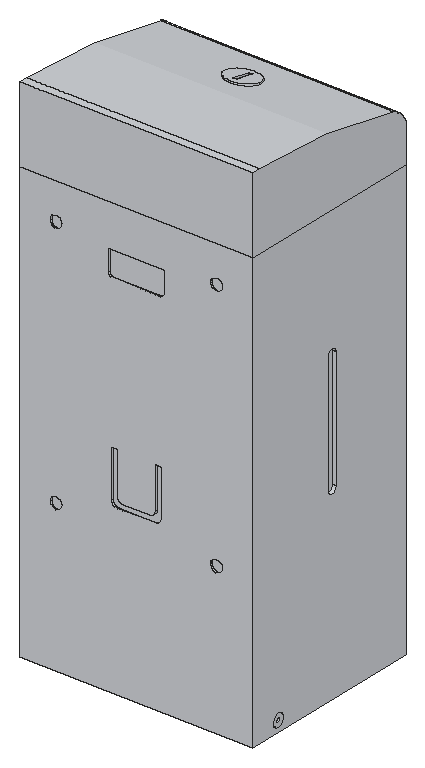
Revit family "AX9412_0005", category Appareils sanitaires, Revit 2016
Family settings
  Hôte = Mur
  Type d'élément = Normal
  Cote de connecteur circulaire = Utiliser le diamètre
  Numéro OmniClass = 23.75.00.00
  Titre OmniClass = Climate Control (HVAC)
  Toujours verticalement = Oui
  Couper avec des vides une fois chargée = Non
  Partagée = Non
  Point de calcul de pièce = Non
Parameters (values of type "Type 1")
  URL = "http://www.axeuro.com/fr/distributeurs-de-savon/24705-distributeur-de-savon-arretes-droites-ax9414.html?search_query=ax9414&results=1"
  Modèle = "AX9414"  # constant formula
  Matériaux = "En inox 304 (18/10) Bactériostatique"  # constant formula
  Finition = "Brossé Poli Satiné HyperPolish"  # constant formula
  Fabricant = "Axeuro"  # constant formula
  Description = "Distributeur de savon"  # constant formula
Reference planes
  plane 1 "Mur": y = 0
  plane 2 "Centre (gauche/droite)": x = 0
  plane 3 "Arrière": y = 75
Forms (mm)
  Extrusion 1, solid
    sketch origin (708.861, 325, 0) x (1, 0, 0) y (0, 0, 1)
      loop
        line (-650.861, 752.033) -> (-766.861, 752.033) -> (-766.861, 533.033) -> (-650.861, 533.033) -> (-650.861, 752.033)
    from 155 to 250
  Extrusion 2, solid
    sketch origin (708.861, 325, 219) x (1, 0, 0) y (0, 0, 1)
      loop
        line (-650.861, 571.033) -> (-766.861, 571.033) -> (-766.861, 533.033) -> (-650.861, 533.033) -> (-650.861, 571.033)
    from 155 to 250
  Extrusion 3, void
    sketch origin (0, 0, 0) x (0, 1, 0) y (0, 0, 1)
      loop
        arc (75, 790.033) -> (119.145, 787.417) -> (162.571, 779.064) r 338.193
        arc (162.571, 779.064) -> (167.12, 776.184) -> (170, 771.635) r 12.277
        line (170, 771.635) -> (175, 771.635) -> (175, 801.635) -> (75, 801.635) -> (75, 790.033)
    from -58 to 58
  Extrusion 4, void
    sketch origin (0, -18.491, -270.454) x (0, 1, 0) y (0, 0, 1)
      loop
        circle (109.191, 809.187) r 1.25
    from 56.771 to 58
  Extrusion 5, void
    sketch origin (0, -7.515, -15.434) x (0, 1, 0) y (0, 0, 1)
      loop
        circle (98.215, 554.167) r 3.2
      loop
        circle (98.215, 554.167) r 3
    from 56.771 to 58
  Extrusion 6, void
    sketch origin (0, 2, 0) x (0, 1, 0) y (0, 0, 1)
      loop
        line (125.125, 627.496) -> (125.125, 687.366)
        arc (125.125, 687.366) -> (122.36, 690.131) -> (119.595, 687.366) r 2.765
        line (119.595, 687.366) -> (119.595, 627.496)
        arc (119.595, 627.496) -> (122.36, 624.731) -> (125.125, 627.496) r 2.765
    from 55.695 to 58
  Extrusion 7, solid
    sketch origin (-5.5, 75, -28.757) x (1, 0, 0) y (0, 0, 1)
      loop
        circle (26.1, 595.39) r 2.6
    from -95 to -95.989
  Extrusion 8, solid
    sketch origin (-125.604, 1684.4, 468.675) x (1, 0, 0) y (0, -0.981627, 0.190809)
      loop
        circle (125.604, 1575.159) r 8.25
    from -15 to -12.919
  Extrusion 9, void
    sketch origin (-128.522, 1642.22, 476.874) x (1, 0, 0) y (0, -0.981627, 0.190809)
      loop
        line (129.522, 1537.139) -> (127.522, 1537.139) -> (127.522, 1527.239) -> (129.522, 1527.239) -> (129.522, 1537.139)
    from -15 to -12.919
  Extrusion 10, void
    sketch origin (-12.263, 0, -17.762) x (1, 0, 0) y (0, 0, 1)
      loop
        circle (-27.737, 625.895) r 3
    from -75.63 to -75
  Extrusion 11, void
    sketch origin (12.263, 0, -17.762) x (-1, 0, 0) y (0, 0, -1)
      loop
        circle (-27.737, -625.895) r 3
    from -75.63 to -75
  Extrusion 12, void
    sketch origin (-12.263, 0, 107.988) x (1, 0, 0) y (0, 0, 1)
      loop
        circle (-27.737, 625.895) r 3
    from -75.63 to -75
  Extrusion 13, void
    sketch origin (12.263, 0, 107.988) x (-1, 0, 0) y (0, 0, -1)
      loop
        circle (-27.737, -625.895) r 3
    from -75.63 to -75
  Extrusion 14, void
    sketch origin (0, 0, 0) x (1, 0, 0) y (0, 0, 1)
      loop
        line (-12.5, 642.933) -> (-12.5, 619.533)
        arc (-12.5, 619.533) -> (-11.621, 617.412) -> (-9.5, 616.533) r 3
        line (-9.5, 616.533) -> (9.5, 616.533)
        arc (9.5, 616.533) -> (11.621, 617.412) -> (12.5, 619.533) r 3
        line (12.5, 619.533) -> (12.5, 642.933) -> (9.5, 642.933) -> (9.5, 621.878)
        arc (9.5, 621.878) -> (8.813, 620.22) -> (7.155, 619.533) r 2.345
        line (7.155, 619.533) -> (-7.155, 619.533)
        arc (-7.155, 619.533) -> (-8.813, 620.22) -> (-9.5, 621.878) r 2.345
        line (-9.5, 621.878) -> (-9.5, 642.933) -> (-12.5, 642.933)
    from -75.63 to -75
  Extrusion 15, void
    sketch origin (0, 0, 0) x (1, 0, 0) y (0, 0, 1)
      loop
        line (-14, 731.333) -> (-14, 720.693)
        arc (-14, 720.693) -> (-13.455, 719.378) -> (-12.14, 718.833) r 1.86
        line (-12.14, 718.833) -> (12.14, 718.833)
        arc (12.14, 718.833) -> (13.455, 719.378) -> (14, 720.693) r 1.86
        line (14, 720.693) -> (14, 731.333) -> (-14, 731.333)
    from -75.63 to -75
Cuts and joins
  Extrusion 3, Extrusion 4, Extrusion 6, Extrusion 14, Extrusion 15 cuts Extrusion 2
  Extrusion 4, Extrusion 5, Extrusion 6, Extrusion 10, Extrusion 11, Extrusion 12, Extrusion 13, Extrusion 14, Extrusion 15 cuts Extrusion 1
  Extrusion 9 cuts Extrusion 8
Text (mm)
  text "Côté de la mise en place" at (-1820.995, 1116.779, 0), in view "Niveau de réf."
  text "Côté de la mise en place" at (0, 1334.055, 2976.191), in view "Gauche"
  text "Côté de la mise en place" at (0, 439.194, 2944.362), in view "Droite"
Dimensions and locks
  locked: plane 3 "Arrière" to host wall
  aligned and locked: plane 1 "Mur" to host wall
